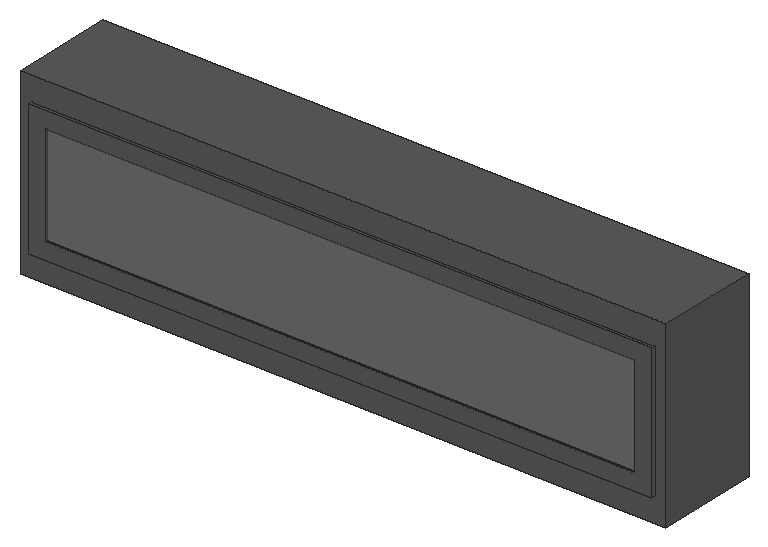
Revit family "EDRL72-1", category Generic Models, Revit 2023
Family settings
  Can host rebar = No
  Round Connector Dimension = Use Diameter
  Part Type = Normal
  Work Plane-Based = No
  Always vertical = Yes
  Cut with Voids When Loaded = No
  Maintain Annotation Orientation = No
  Shared = No
  Room Calculation Point = No
Parameters
  URL = "https://www.montigo.com/"
  Model = ""
  Manufacturer Fax = ""
  Manufacturer Website = "https://www.montigo.com/"
  Manufacturer Phone - Toll Free = "800-378-3115"
  Manufacturer Phone = ""
  Manufacturer Address = "27342 Gloucester Way  Langley, BC, Canada   V4W 4A1"
  Manufacturer = "Montigo"
  Keynote = ""
  Glazing Tint = Glass - Montigo - Tint as Specified
  Frame Material = Metal - Montigo - Black
  Firebox Material = Metal - Montigo - White
  Description = "Montigo Fireplace as Specified"
  Default Elevation = 0"
Reference planes (in)
  plane 1 "Center (Front/Back)": y = 0
  plane 2: z = 0
  plane 3 "Center (Left/Right)": x = 0
Forms (in)
  Extrusion 1, solid, material "Metal - Montigo - Black"
    sketch origin (0, 0, 0) x (1, 0, 0) y (0, 1, 0)
      loop
        line (-38.6875, 0) -> (38.6875, 0) -> (38.6875, 12.3125) -> (-38.6875, 12.3125) -> (-38.6875, 0)
    from 0 to 21.875
  Extrusion 2, solid, material "Metal - Montigo - Black"
    sketch origin (0, -3, 2.89844) x (1, 0, 0) y (0, 1, 0)
      loop
        line (-37.28125, 2.5625) -> (37.28125, 2.5625) -> (37.28125, 3) -> (-37.28125, 3) -> (-37.28125, 2.5625)
    from 0 to 16.07813
  Extrusion 3, void
    sketch origin (19.1875, -6.15625, 0) x (-1, 0, 0) y (0, 0, -1)
      loop
        line (54.46875, -16.97656) -> (54.46875, -4.89844) -> (-16.09375, -4.89844) -> (-16.09375, -16.97656) -> (54.46875, -16.97656)
    from -5.93578 to -5.71875
Cuts and joins
  Extrusion 3 cuts Extrusion 2
Lines and regions (in)
  symbolic lines
    curve 1: line (129.0333, -6.15625, 107.49519) -> (129.0333, -6.15625, 106.74519)
Dimensions and locks (in)
  Extrusion 1 to Extrusion 1 = 77 3/8"
  aligned and locked: level to plane 2
